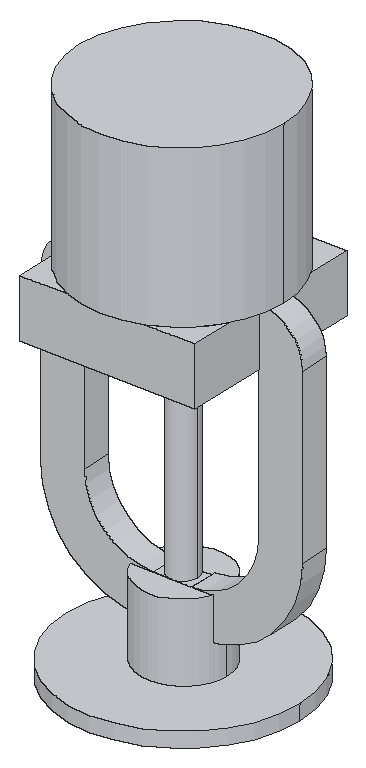
Revit family
Parameters (values of type "RASCO F1FR56-300 PENDENT")
  Temperature Rating = 175 °F
  Response = 1
  RASCO SIN # = "RA2614"
  RASCO Part # = "F1FR56P5C3"
  Pressure Rating = "300 PSI"
  Pressure Class = 1
  Orifice Size = 1/2"
  Orifice = (empty or 0)
  Model = "F1FR56-300"
  Manufacturer = "RASCO"
  K-Factor = 5.6
  Description = "Chrome Finish"
  Coverage = (empty or 0)
Reference planes (in)
  plane 1 "Center (Front/Back)": y = 0
  plane 2: z = 0
  plane 3 "Center (Left/Right)": x = 0
Dimensions and locks (in)
  aligned and locked: plane 2 to level
Nested families (in)
  nested 1: "F1FR56P5C3" at (-0.0113, 0, 2.4375) x (-1, 0, 0) z (0, 0, -1), type "RASCO F1FR56-300 PENDENT"
Connectors (in)
  piping at (-0.0113, 0, 2.4375)
    settings: on nested 1, index 1, connector radius 115/256", flow factor 0, pipe flow 0 GPM, pressure drop 0.00 psi, fitting loss kfactor 0, connector angle 0.00°, fixture units 0, flow configuration 0, flow direction 0, fitting loss method 0, system type 7, connector reference index -1, connector utility 0, adjustable connector no, is connector primary yes, fitting loss table "", connector description ""
Definition of nested family "F1FR56P5C3"
  Parameters (values of type "RASCO F1FR56-300 PENDENT")
    Type Comments = ""
    Temperature Rating = 0 °F
    Response = (empty or 0)
    Pressure Rating = "0"
    Pressure Class = (empty or 0)
    Orifice Size = 0"
    Orifice = (empty or 0)
    Model = ""
    Manufacturer = ""
    K-Factor = 0
    Description = ""
    Coverage = (empty or 0)
    Assembly Code = ""
  Reference planes (in)
    plane 1 "Center (Front/Back)": y = 0
    plane 2: z = 0
    plane 3 "ref.2": z = 0.6875
    plane 4 "ref.3": z = 0.9375
    plane 5: x = -0.38065
    plane 6: x = 0.36935
    plane 7 "ref. side 1": y = 0.06402
    plane 8 "ref. side 2": y = -0.06098
    plane 9 "ref.4": z = 1.875
    plane 10 "ref.5": z = 2.3125
    plane 11 "ref.6": z = 2.4375
  Forms (in)
    Extrusion 1, solid
      sketch origin (0, 0, 0) x (1, 0, 0) y (0, 1, 0)
        loop
          circle (0, 0) r 0.4379
      from 0 to 0.6875
    Extrusion 2, solid
      sketch origin (-0.12185, 0.05177, 0.6875) x (1, 0, 0) y (0, 1, 0)
        loop
          line (-0.2588, 0.356) -> (-0.2588, -0.4565) -> (0.4912, -0.4565) -> (0.4912, 0.356) -> (-0.2588, 0.356)
      from 0 to 0.25
    Extrusion 3, solid
      sketch origin (0, 0, 0) x (1, 0, 0) y (0, 0, 1)
        loop
          line (-0.38065, 0.68754) -> (-0.38065, 1.58397)
          arc (-0.38065, 1.58397) -> (-0.29541, 1.78976) -> (-0.08962, 1.875) r 0.29103
          line (-0.08962, 1.875) -> (0.07524, 1.875)
          arc (0.07524, 1.875) -> (0.28321, 1.78886) -> (0.36935, 1.58089) r 0.29411
          line (0.36935, 1.58089) -> (0.36935, 0.68751)
          arc (0.36935, 0.68751) -> (0.50207, 0.74393) -> (0.55685, 0.87734) r 0.18984
          line (0.55685, 0.87734) -> (0.55685, 1.61676)
          arc (0.55685, 1.61676) -> (0.42629, 1.93194) -> (0.11111, 2.0625) r 0.44574
          line (0.11111, 2.0625) -> (-0.12259, 2.0625)
          arc (-0.12259, 2.0625) -> (-0.43765, 1.932) -> (-0.56815, 1.61694) r 0.44556
          line (-0.56815, 1.61694) -> (-0.56815, 0.87876)
          arc (-0.56815, 0.87876) -> (-0.51345, 0.74486) -> (-0.38065, 0.68754) r 0.19126
      from -0.06402 to 0.06098
    Extrusion 4, solid
      sketch origin (0, 0, 0.9375) x (-1, 0, 0) y (0, -1, 0)
        loop
          circle (0.00574, -0.00152) r 0.0625
      from 0 to 0.9375
    Extrusion 5, solid
      sketch origin (0, 0, 1.875) x (-1, 0, 0) y (0, -1, 0)
        loop
          circle (0.00574, -0.00152) r 0.1875
      from 0 to 0.4375
    Extrusion 6, solid
      sketch origin (0, 0, 2.3125) x (0, -1, 0) y (1, 0, 0)
        loop
          circle (-0.00152, -0.00574) r 0.5
      from -0.10531 to -0.03987
  Cuts and joins
    joined: Extrusion 1, Extrusion 2, Extrusion 4
  Lines and regions (in)
    model lines
      curve 1: line (-0.00574, 0.06402, 1.875) -> (-0.00574, -0.06098, 1.875)
